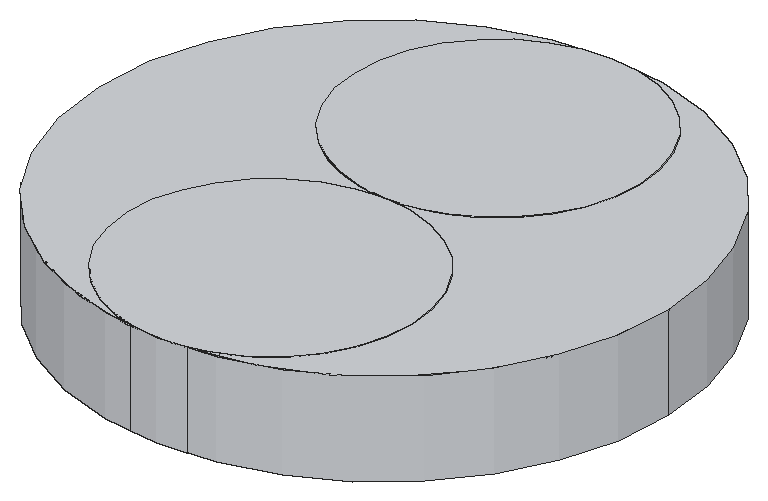
Revit family "電線管用ファミリ(片側のみ)_24", category Electrical Fixtures, Revit 2021
Family settings
  Maintain Annotation Orientation = Yes
  Round Connector Dimension = Use Diameter
  Part Type = Normal
  OmniClass Number = 23.80.00.00
  OmniClass Title = Electric Power and Lighting
  Work Plane-Based = No
  Always vertical = Yes
  Cut with Voids When Loaded = No
  Shared = No
  Room Calculation Point = No
Parameters
  コネクタ直径 [instance] = 16 mm
  W [instance] = 300 mm
  Diameter = 150 mm
  Default Elevation = 0 mm
  D [instance] = 300 mm
Reference planes
  plane 1 "Center (Front/Back)": y = 0
  plane 2: z = 0
  plane 3 "Center (Left/Right)": x = 0
  plane 4: x = -150
  plane 5: x = 150
  plane 6: y = 150
  plane 7: y = -150
  plane 8: z = 50
  plane 9: y = 75
  plane 10: y = -75
Forms (mm)
  Extrusion 1, solid
    sketch origin (0, 0, 0) x (1, 0, 0) y (0, 1, 0)
      loop
        circle (0, 0) r 150
    from 0 to 50
  Extrusion 2, solid
    sketch origin (0, 0, 0) x (1, 0, 0) y (0, 1, 0)
      loop
        circle (0, 75) r 75
    from 0 to 50
  Extrusion 3, solid
    sketch origin (0, 0, 0) x (1, 0, 0) y (0, 1, 0)
      loop
        circle (0, -75) r 75
    from 0 to 50
Dimensions and locks
  equal spacing: plane 4, plane 3 "Center (Left/Right)", plane 5
  "W": plane 4 to plane 5
  equal spacing: plane 6, plane 1 "Center (Front/Back)", plane 7
  "D": plane 6 to plane 7
  equal spacing: plane 9, plane 1 "Center (Front/Back)", plane 10
  "Diameter": plane 9 to plane 10
  aligned and locked: level to plane 2
  aligned and locked: plane 8 to Extrusion 1
  aligned and locked: plane 8 to Extrusion 2
  aligned and locked: plane 8 to Extrusion 3
Automatic sketch dimensions
  plane 1 "Center (Front/Back)" to Extrusion 1 sketch curve = 0 mm
  Extrusion 1 sketch curve to plane 3 "Center (Left/Right)" = 0 mm
  Extrusion 2 sketch curve to plane 3 "Center (Left/Right)" = 0 mm
  Extrusion 2 sketch curve to plane 9 = 0 mm
  Extrusion 3 sketch curve to plane 3 "Center (Left/Right)" = 0 mm
  Extrusion 3 sketch curve to plane 10 = 0 mm
  radius of Extrusion 1 sketch curve = 150 mm
  radius of Extrusion 2 sketch curve = 75 mm
  radius of Extrusion 3 sketch curve = 75 mm
Connectors
  cabletrayconduit at (0, 0, 50), diameter 16
    settings: on Extrusion 1, index 1, connector width 300 mm, connector height 300 mm, connector angle 0.00°, system type 32, placement type 0, profile type 0, connector reference index -1, is primary connector yes, connector utility param no, connector description ""
